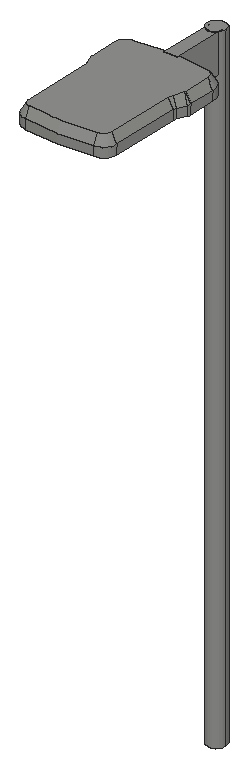
Revit family "VP-4-AD_U", category Lighting Fixtures, host Face, Revit 2019
Family settings
  Host = Face
  Round Connector Dimension = Use Diameter
  Part Type = Normal
  OmniClass Number = 23.80.70.11.14.17
  OmniClass Title = Direct/Indirect
  Cut with Voids When Loaded = No
  Light Source = No
  Shared = Yes
  Room Calculation Point = No
Parameters (values of type "VP-4-AD3U")
  Wattage Comments = "600 W"  # constant formula
  Warranty = "Five year warranty"  # constant formula
  Voltage = 120 V
  URL = "https://www.currentlighting.com/beacon"
  Type Comments = "Lighting Fixture"  # constant formula
  Product Page URL = "https://www.currentlighting.com/outdoor-lighting/viper-area-size-4/9606406"
  Product Documentation Link = "https://cdn.currentlighting.com/site/specsheet/BEA_VIPERSPEC.pdf"
  Power Factor = 0.9
  Pole Radius [instance] = Pole Size / 2  # 1.75"
  Pole Height [instance] = 120.00"
  Name = "Viper Area Size 4"  # constant formula
  Mounting Block Size [instance] = Pole Size - 1.00"  # 2.50"
  Model = "VP-4-AD3U"
  Matt Grey = MATT GREY
  Matt Black = Matt Black
  Manufacturer = "Current Lighting"  # constant formula
  Load Classification = Lighting
  Light Output = 87468.00 cd/m²
  Lamp = "LED"  # constant formula
  Grey = Grey
  Glass = Glass
  Pole Size [instance] = 3.50"
  Features = "Featuring two different optical technologies, Micro Strike and Strike Optics, which provide the best distribution patterns for retrofit or new construction\r\nVibration rated for high vibration applications including bridges and overpasses\r\nControl options including photo control, occupancy sensing, NX Lighting Controls, wiSCAPE and 7-Pin with networked controls\r\nMounting options include: Arm, Universal Arm, Adjustable Arm, Mast Arm, Decorative Arm, Knuckle, Trunnion, Wall\r\nDistribution options include: Auto Front Row, Type 2, Type 3, Type 4 Forward, Type 4 Wide, Type 5 Narrow, Type 5 Medium, Type 5 Wide, Type 5 Rectangular, Corner Optic, and Tennis Court\r\n\r\n"  # constant formula
  Copyright = "© 2022 Current Lighting"  # constant formula
  Cool Grey = Cool Grey
  Contact Us = "https://www.currentlighting.com/contact-us"
  Certification = "UL"  # constant formula
  Description = "The Viper is an extremely versatile area/site luminaire which blends design, performance, and technology for a variety of applications."  # constant formula
  Default Elevation = 48.00"
  Finish = Arctic White
  Matt White = Matt White
  CRI = "70"  # constant formula
  Brand = "Beacon"  # constant formula
  Assembly Code = "D5020200"
  Apparent Load = 600 VA  # constant formula
Reference planes (in)
  plane 1 "Center (Front/Back)": y = 6.16697
  plane 2: z = 0
  plane 3 "Center (Left/Right)": x = 0
  plane 4: z = 3.75
  plane 5: z = -4.44
  plane 6: x = -1.75
  plane 7: x = 1.75
  plane 8: y = 4.41697
  plane 9: y = 7.91697
  plane 10: z = 120
Forms (in)
  Extrusion 1, solid, material "Cool Grey" <- "Cool Grey"
    sketch origin (0, 0, 0) x (1, 0, 0) y (0, 1, 0)
      loop
        circle (0, 6.16697) r 1.75
    from 0 to 120
Lines and regions (in)
  reference lines
    curve 1: line (0, 14.42606, -3.25) -> (0, 17.42606, -0.25)
    curve 2: line (0, -2.09213, -3.25) -> (0, 14.42606, -3.25)
    curve 3: line (0, -5.09213, -0.25) -> (0, -2.09213, -3.25)
    curve 4: line (0, 14.42606, -3.25) -> (0, 17.42606, -0.25)
    curve 5: line (0, -5.09213, -0.25) -> (0, 17.42606, -0.25)
    curve 6: line (0, 17.17606, -0.77432) -> (0, 17.92606, -0.77432)
    curve 7: line (0, 17.17606, -1.52432) -> (0, 17.17606, -0.77432)
    curve 8: line (0, 16.69614, -1.52432) -> (0, 17.17606, -1.52432)
    curve 9: line (0, 14.92606, -4.25) -> (0, 16.69614, -1.52432)
    curve 10: line (0, -4.3622, -1.52432) -> (0, -2.59213, -4.25)
    curve 11: line (0, -4.84213, -1.52432) -> (0, -4.3622, -1.52432)
    curve 12: line (0, -4.84213, -0.77432) -> (0, -4.84213, -1.52432)
    curve 13: line (0, -5.59213, -0.77432) -> (0, -4.84213, -0.77432)
Dimensions and locks (in)
  plane 4 to plane 2 = 3.75"
  "Pole Size": plane 8 to plane 9
  equal spacing: plane 8, plane 1 "Center (Front/Back)", plane 9
  equal spacing: plane 6, plane 3 "Center (Left/Right)", plane 7
  "Pole Size": plane 6 to plane 7
  "Pole Height": plane 10 to plane 2
  "Pole Radius": radius of Extrusion 1 sketch curve
  aligned and locked: plane 2 to host face
  aligned and locked: level to host face
  aligned and locked: plane 10 to Extrusion 1
  aligned and locked: plane 3 "Center (Left/Right)" to nested 1
  aligned and locked: nested 1 to plane 10
Automatic sketch dimensions
  host sketch curve to host sketch curve = 96.00"
  host sketch curve to host sketch curve = 85.00"
  curve 3 to level = 0.25"
  plane 8 to curve 3 = 9.50909"
  curve 3 to curve 12 = 0.25"
  curve 11 to curve 11 = 0.47992"
  curve 2 to plane 5 = 1.19"
  curve 10 to curve 2 = 2.27008"
  curve 1 to plane 9 = 6.50909"
  curve 9 to level = 1.52432"
  curve 1 to curve 9 = 2.27008"
  curve 8 to curve 8 = 0.47992"
  curve 6 to curve 4 = 0.25"
  curve 10 to curve 3 = 1.27432"
  curve 7 to curve 1 = 0.52432"
  curve 12 to curve 3 = 0.52432"
  curve 13 to curve 3 = 0.50"
  curve 10 to plane 5 = 0.19"
  curve 10 to curve 2 = 0.50"
  curve 9 to plane 5 = 0.19"
  curve 1 to curve 9 = 0.50"
  curve 1 to curve 6 = 0.50"
  plane 1 "Center (Front/Back)" to Extrusion 1 sketch curve = 0.00"
  Extrusion 1 sketch curve to plane 3 "Center (Left/Right)" = 0.00"
Nested families (in)
  nested 1: "SIZE4-ADU" at (0, 4.41697, 118.26) x (1, 0, 0) z (0, -1, 0), type "SIZE4-ADU"
Connectors (in)
  electrical at (0, 6.16697, 0), driven by "Power Factor", driven by "Apparent Load", driven by "Voltage"
    settings: on Extrusion 1, index 1, voltage 120 V, apparent load 600 VA, apparent load phase1 0 VA, apparent load phase2 0 VA, apparent load phase3 0 VA, power factor 0.9, load classification "Other", number of poles 1, system type 30, power factor state 1, is connector primary yes, connector utility no, sub classification motor no, connector description "Light Fixture"
Definition of nested family "SIZE4-ADU"
  Parameters (values of type "SIZE4-ADU")
    Width = 19.62"
    Wattage = 519.1 W
    built-in parameter 1150110 = 1 (stored number, unit not read)
    built-in parameter 1114217 = 1 (stored number, unit not read)
    Tilt Angle = 160.00°
    built-in parameter 1150109 = 1 (stored number, unit not read)
    built-in parameter 1150134 = 3
    built-in parameter 1150113 = 1 (stored number, unit not read)
    Photometric Web File = "VP-4-720L-515-5K7-4W-BC.ies"
    Mount Length = 7.50"
    built-in parameter 1150105 = 3180.8 (stored number, unit not read)
    Lumens = 39970.7 lm
    built-in parameter 1150115 = 1 (stored number, unit not read)
    built-in parameter 1150137 = (empty or 0)
    built-in parameter 1150139 = (empty or 0)
    Length = 27.98"
    built-in parameter 1150112 = 1 (stored number, unit not read)
    built-in parameter 1150114 = 1 (stored number, unit not read)
    built-in parameter 1150132 = (empty or 0)
    built-in parameter 1150102 = (empty or 0)
    built-in parameter 1150107 = 3200 (stored number, unit not read)
    built-in parameter 1150138 = (empty or 0)
    built-in parameter 1150106 = 31.808 (stored number, unit not read)
    Glass = none
    Fixture = none
    built-in parameter 1150104 = 7.1535 (stored number, unit not read)
    Dimming Lamp Color Temperature Shift = (empty or 0)
    Default Elevation = 48.00"
    Color Filter = 16777215
    built-in parameter 1114218 = 1 (stored number, unit not read)
    built-in parameter 1150133 = 10 (stored number, unit not read)
  Reference planes (in)
    plane 1 "Center (Front/Back)": y = 0
    plane 2: z = 0
    plane 3 "Center (Left/Right)": x = 0
    plane 4: x = 9.81
    plane 5: x = -9.81
    plane 6: z = 7.5
    plane 7: z = 35.48
    plane 8: y = -1.74
    plane 9: y = 1.74
  Forms (in)
    Extrusion 1, solid
      sketch origin (0, 0, 0) x (1, 0, 0) y (0, 1, 0)
        loop
          line (-48, 48) -> (-48, -48) -> (48, -48) -> (48, 48) -> (-48, 48)
      from 0 to -12
    Extrusion 2, void
      sketch origin (0, 0, 0) x (1, 0, 0) y (0, 0, 1)
        loop
          arc (-8.40608, 15.16005) -> (0.0771, 15.81374) -> (8.56, 15.15635) r 55.21553
          line (8.56, 15.15635) -> (8.56, 33.16182) -> (-8.40608, 33.16182) -> (-8.40608, 15.16005)
      from 1 to 1.75
    Extrusion 3, solid, material <- "Glass"
      sketch origin (0, 0, -0.5) x (1, 0, 0) y (0, 0, 1)
        loop
          arc (-7.30987, 33.16182) -> (-7.55736, 33.05931) -> (-7.65987, 32.81182) r 0.35
          line (-7.65987, 32.81182) -> (-7.65987, 28.01182)
          arc (-7.65987, 28.01182) -> (-7.55736, 27.76434) -> (-7.30987, 27.66182) r 0.35
          line (-7.30987, 27.66182) -> (7.30987, 27.66182)
          arc (7.30987, 27.66182) -> (7.55736, 27.76434) -> (7.65987, 28.01182) r 0.35
          line (7.65987, 28.01182) -> (7.65987, 32.81182)
          arc (7.65987, 32.81182) -> (7.55736, 33.05931) -> (7.30987, 33.16182) r 0.35
          line (7.30987, 33.16182) -> (-7.30987, 33.16182)
      from 1 to 1.35
    Extrusion 4, solid, material <- "Glass"
      sketch origin (0.375, 0, -0.375) x (1, 0, 0) y (0, 0, 1)
        loop
          circle (-7.47829, 32.33694) r 0.15
        loop
          circle (-6.95955, 32.33694) r 0.15
        loop
          circle (-6.4408, 32.33694) r 0.15
        loop
          circle (-5.92205, 32.33694) r 0.15
        loop
          circle (-5.4033, 32.33694) r 0.15
        loop
          circle (-4.88455, 32.33694) r 0.15
        loop
          circle (-4.3658, 32.33694) r 0.15
        loop
          circle (-3.84705, 32.33694) r 0.15
        loop
          circle (-3.32831, 32.33694) r 0.15
        loop
          circle (-7.47829, 31.83694) r 0.15
        loop
          circle (-6.95955, 31.83694) r 0.15
        loop
          circle (-6.4408, 31.83694) r 0.15
        loop
          circle (-5.92205, 31.83694) r 0.15
        loop
          circle (-5.4033, 31.83694) r 0.15
        loop
          circle (-4.88455, 31.83694) r 0.15
        loop
          circle (-4.3658, 31.83694) r 0.15
        loop
          circle (-3.84705, 31.83694) r 0.15
        loop
          circle (-3.32831, 31.83694) r 0.15
        loop
          circle (-7.47829, 31.33694) r 0.15
        loop
          circle (-6.95955, 31.33694) r 0.15
        loop
          circle (-6.4408, 31.33694) r 0.15
        loop
          circle (-5.92205, 31.33694) r 0.15
        loop
          circle (-5.4033, 31.33694) r 0.15
        loop
          circle (-4.88455, 31.33694) r 0.15
        loop
          circle (-4.3658, 31.33694) r 0.15
        loop
          circle (-3.84705, 31.33694) r 0.15
        loop
          circle (-3.32831, 31.33694) r 0.15
        loop
          circle (-7.47829, 30.83694) r 0.15
        loop
          circle (-6.95955, 30.83694) r 0.15
        loop
          circle (-6.4408, 30.83694) r 0.15
        loop
          circle (-5.92205, 30.83694) r 0.15
        loop
          circle (-5.4033, 30.83694) r 0.15
        loop
          circle (-4.88455, 30.83694) r 0.15
        loop
          circle (-4.3658, 30.83694) r 0.15
        loop
          circle (-3.84705, 30.83694) r 0.15
        loop
          circle (-3.32831, 30.83694) r 0.15
        loop
          circle (-7.47829, 30.33694) r 0.15
        loop
          circle (-6.95955, 30.33694) r 0.15
        loop
          circle (-6.4408, 30.33694) r 0.15
        loop
          circle (-5.92205, 30.33694) r 0.15
        loop
          circle (-5.4033, 30.33694) r 0.15
        loop
          circle (-4.88455, 30.33694) r 0.15
        loop
          circle (-4.3658, 30.33694) r 0.15
        loop
          circle (-3.84705, 30.33694) r 0.15
        loop
          circle (-3.32831, 30.33694) r 0.15
        loop
          circle (-7.47829, 29.83694) r 0.15
        loop
          circle (-6.95955, 29.83694) r 0.15
        loop
          circle (-6.4408, 29.83694) r 0.15
        loop
          circle (-5.92205, 29.83694) r 0.15
        loop
          circle (-5.4033, 29.83694) r 0.15
        loop
          circle (-4.88455, 29.83694) r 0.15
        loop
          circle (-4.3658, 29.83694) r 0.15
        loop
          circle (-3.84705, 29.83694) r 0.15
        loop
          circle (-3.32831, 29.83694) r 0.15
        loop
          circle (-7.47829, 29.33694) r 0.15
        loop
          circle (-6.95955, 29.33694) r 0.15
        loop
          circle (-6.4408, 29.33694) r 0.15
        loop
          circle (-5.92205, 29.33694) r 0.15
        loop
          circle (-5.4033, 29.33694) r 0.15
        loop
          circle (-4.88455, 29.33694) r 0.15
        loop
          circle (-4.3658, 29.33694) r 0.15
        loop
          circle (-3.84705, 29.33694) r 0.15
        loop
          circle (-3.32831, 29.33694) r 0.15
        loop
          circle (-7.47829, 28.83694) r 0.15
        loop
          circle (-6.95955, 28.83694) r 0.15
        loop
          circle (-6.4408, 28.83694) r 0.15
        loop
          circle (-5.92205, 28.83694) r 0.15
        loop
          circle (-5.4033, 28.83694) r 0.15
        loop
          circle (-4.88455, 28.83694) r 0.15
        loop
          circle (-4.3658, 28.83694) r 0.15
        loop
          circle (-3.84705, 28.83694) r 0.15
        loop
          circle (-3.32831, 28.83694) r 0.15
        loop
          circle (-7.47829, 28.33694) r 0.15
        loop
          circle (-6.95955, 28.33694) r 0.15
        loop
          circle (-6.4408, 28.33694) r 0.15
        loop
          circle (-5.92205, 28.33694) r 0.15
        loop
          circle (-5.4033, 28.33694) r 0.15
        loop
          circle (-4.88455, 28.33694) r 0.15
        loop
          circle (-4.3658, 28.33694) r 0.15
        loop
          circle (-3.84705, 28.33694) r 0.15
        loop
          circle (-3.32831, 28.33694) r 0.15
      from 1.35 to 1.4
    Extrusion 5, solid, material <- "Glass"
      sketch origin (0, 0, -0.375) x (1, 0, 0) y (0, 0, 1)
        loop
          arc (-7.16655, 32.8409) -> (-7.34333, 32.76768) -> (-7.41655, 32.5909) r 0.25
          line (-7.41655, 32.5909) -> (-7.41655, 28.0909)
          arc (-7.41655, 28.0909) -> (-7.34333, 27.91412) -> (-7.16655, 27.8409) r 0.25
          line (-7.16655, 27.8409) -> (-2.81123, 27.8409)
          arc (-2.81123, 27.8409) -> (-2.63446, 27.91412) -> (-2.56123, 28.0909) r 0.25
          line (-2.56123, 28.0909) -> (-2.56123, 32.5909)
          arc (-2.56123, 32.5909) -> (-2.63446, 32.76768) -> (-2.81123, 32.8409) r 0.25
          line (-2.81123, 32.8409) -> (-7.16655, 32.8409)
      from 1.35 to 1.37213
    Extrusion 6, solid, material <- "Fixture"
      sketch origin (0, 0, 12.875) x (1, 0, 0) y (0, 1, 0)
        loop
          line (7.68693, -1) -> (7.68693, -1.20146)
          arc (7.68693, -1.20146) -> (7.69367, -1.23973) -> (7.71311, -1.27339) r 0.1119
          line (7.71311, -1.27339) -> (8.07367, -1.70309)
          arc (8.07367, -1.70309) -> (8.10164, -1.72455) -> (8.13607, -1.73219) r 0.08147
          line (8.13607, -1.73219) -> (8.56, -1.73219) -> (8.56, -1) -> (7.68693, -1)
      from 18.55 to 18.65
    Extrusion 7, solid, material <- "Glass"
      sketch origin (-0.375, 0, -0.375) x (-1, 0, 0) y (0, 0, -1)
        loop
          circle (-7.47829, -32.33694) r 0.15
        loop
          circle (-6.95955, -32.33694) r 0.15
        loop
          circle (-6.4408, -32.33694) r 0.15
        loop
          circle (-5.92205, -32.33694) r 0.15
        loop
          circle (-5.4033, -32.33694) r 0.15
        loop
          circle (-4.88455, -32.33694) r 0.15
        loop
          circle (-4.3658, -32.33694) r 0.15
        loop
          circle (-3.84705, -32.33694) r 0.15
        loop
          circle (-3.32831, -32.33694) r 0.15
        loop
          circle (-7.47829, -31.83694) r 0.15
        loop
          circle (-6.95955, -31.83694) r 0.15
        loop
          circle (-6.4408, -31.83694) r 0.15
        loop
          circle (-5.92205, -31.83694) r 0.15
        loop
          circle (-5.4033, -31.83694) r 0.15
        loop
          circle (-4.88455, -31.83694) r 0.15
        loop
          circle (-4.3658, -31.83694) r 0.15
        loop
          circle (-3.84705, -31.83694) r 0.15
        loop
          circle (-3.32831, -31.83694) r 0.15
        loop
          circle (-7.47829, -31.33694) r 0.15
        loop
          circle (-6.95955, -31.33694) r 0.15
        loop
          circle (-6.4408, -31.33694) r 0.15
        loop
          circle (-5.92205, -31.33694) r 0.15
        loop
          circle (-5.4033, -31.33694) r 0.15
        loop
          circle (-4.88455, -31.33694) r 0.15
        loop
          circle (-4.3658, -31.33694) r 0.15
        loop
          circle (-3.84705, -31.33694) r 0.15
        loop
          circle (-3.32831, -31.33694) r 0.15
        loop
          circle (-7.47829, -30.83694) r 0.15
        loop
          circle (-6.95955, -30.83694) r 0.15
        loop
          circle (-6.4408, -30.83694) r 0.15
        loop
          circle (-5.92205, -30.83694) r 0.15
        loop
          circle (-5.4033, -30.83694) r 0.15
        loop
          circle (-4.88455, -30.83694) r 0.15
        loop
          circle (-4.3658, -30.83694) r 0.15
        loop
          circle (-3.84705, -30.83694) r 0.15
        loop
          circle (-3.32831, -30.83694) r 0.15
        loop
          circle (-7.47829, -30.33694) r 0.15
        loop
          circle (-6.95955, -30.33694) r 0.15
        loop
          circle (-6.4408, -30.33694) r 0.15
        loop
          circle (-5.92205, -30.33694) r 0.15
        loop
          circle (-5.4033, -30.33694) r 0.15
        loop
          circle (-4.88455, -30.33694) r 0.15
        loop
          circle (-4.3658, -30.33694) r 0.15
        loop
          circle (-3.84705, -30.33694) r 0.15
        loop
          circle (-3.32831, -30.33694) r 0.15
        loop
          circle (-7.47829, -29.83694) r 0.15
        loop
          circle (-6.95955, -29.83694) r 0.15
        loop
          circle (-6.4408, -29.83694) r 0.15
        loop
          circle (-5.92205, -29.83694) r 0.15
        loop
          circle (-5.4033, -29.83694) r 0.15
        loop
          circle (-4.88455, -29.83694) r 0.15
        loop
          circle (-4.3658, -29.83694) r 0.15
        loop
          circle (-3.84705, -29.83694) r 0.15
        loop
          circle (-3.32831, -29.83694) r 0.15
        loop
          circle (-7.47829, -29.33694) r 0.15
        loop
          circle (-6.95955, -29.33694) r 0.15
        loop
          circle (-6.4408, -29.33694) r 0.15
        loop
          circle (-5.92205, -29.33694) r 0.15
        loop
          circle (-5.4033, -29.33694) r 0.15
        loop
          circle (-4.88455, -29.33694) r 0.15
        loop
          circle (-4.3658, -29.33694) r 0.15
        loop
          circle (-3.84705, -29.33694) r 0.15
        loop
          circle (-3.32831, -29.33694) r 0.15
        loop
          circle (-7.47829, -28.83694) r 0.15
        loop
          circle (-6.95955, -28.83694) r 0.15
        loop
          circle (-6.4408, -28.83694) r 0.15
        loop
          circle (-5.92205, -28.83694) r 0.15
        loop
          circle (-5.4033, -28.83694) r 0.15
        loop
          circle (-4.88455, -28.83694) r 0.15
        loop
          circle (-4.3658, -28.83694) r 0.15
        loop
          circle (-3.84705, -28.83694) r 0.15
        loop
          circle (-3.32831, -28.83694) r 0.15
        loop
          circle (-7.47829, -28.33694) r 0.15
        loop
          circle (-6.95955, -28.33694) r 0.15
        loop
          circle (-6.4408, -28.33694) r 0.15
        loop
          circle (-5.92205, -28.33694) r 0.15
        loop
          circle (-5.4033, -28.33694) r 0.15
        loop
          circle (-4.88455, -28.33694) r 0.15
        loop
          circle (-4.3658, -28.33694) r 0.15
        loop
          circle (-3.84705, -28.33694) r 0.15
        loop
          circle (-3.32831, -28.33694) r 0.15
      from 1.35 to 1.4
    Extrusion 8, solid, material <- "Glass"
      sketch origin (0, 0, -0.375) x (-1, 0, 0) y (0, 0, -1)
        loop
          line (-7.16655, -32.8409) -> (-2.84181, -32.8409)
          arc (-2.84181, -32.8409) -> (-2.66504, -32.76768) -> (-2.59181, -32.5909) r 0.25
          line (-2.59181, -32.5909) -> (-2.59181, -28.0909)
          arc (-2.59181, -28.0909) -> (-2.66504, -27.91412) -> (-2.84181, -27.8409) r 0.25
          line (-2.84181, -27.8409) -> (-7.16655, -27.8409)
          arc (-7.16655, -27.8409) -> (-7.34333, -27.91412) -> (-7.41655, -28.0909) r 0.25
          line (-7.41655, -28.0909) -> (-7.41655, -32.5909)
          arc (-7.41655, -32.5909) -> (-7.34333, -32.76768) -> (-7.16655, -32.8409) r 0.25
      from 1.35 to 1.37213
    Extrusion 9, solid, material <- "Glass"
      sketch origin (0, 0, -5.75) x (1, 0, 0) y (0, 0, 1)
        loop
          arc (-7.30987, 32.91182) -> (-7.55736, 32.80931) -> (-7.65987, 32.56182) r 0.35
          line (-7.65987, 32.56182) -> (-7.65987, 27.76182)
          arc (-7.65987, 27.76182) -> (-7.55736, 27.51434) -> (-7.30987, 27.41182) r 0.35
          line (-7.30987, 27.41182) -> (7.30987, 27.41182)
          arc (7.30987, 27.41182) -> (7.55736, 27.51434) -> (7.65987, 27.76182) r 0.35
          line (7.65987, 27.76182) -> (7.65987, 32.56182)
          arc (7.65987, 32.56182) -> (7.55736, 32.80931) -> (7.30987, 32.91182) r 0.35
          line (7.30987, 32.91182) -> (-7.30987, 32.91182)
      from 1 to 1.35
    Extrusion 10, solid, material <- "Glass"
      sketch origin (0, 0, 47.30365) x (1, 0, 0) y (0, 0, 1)
        loop
          line (-7.30987, -31.14182) -> (7.30987, -31.14182)
          arc (7.30987, -31.14182) -> (7.55736, -31.03931) -> (7.65987, -30.79182) r 0.35
          line (7.65987, -30.79182) -> (7.65987, -25.99182)
          arc (7.65987, -25.99182) -> (7.55736, -25.74434) -> (7.30987, -25.64182) r 0.35
          line (7.30987, -25.64182) -> (-7.30987, -25.64182)
          arc (-7.30987, -25.64182) -> (-7.55736, -25.74434) -> (-7.65987, -25.99182) r 0.35
          line (-7.65987, -25.99182) -> (-7.65987, -30.79182)
          arc (-7.65987, -30.79182) -> (-7.55736, -31.03931) -> (-7.30987, -31.14182) r 0.35
      from 1 to 1.35
    Extrusion 11, solid, material <- "Fixture"
      sketch origin (0, 0, 11.87318) x (1, 0, 0) y (0, 1, 0)
        loop
          line (7.68693, -1) -> (7.68693, -1.20146)
          arc (7.68693, -1.20146) -> (7.69367, -1.23973) -> (7.71311, -1.27339) r 0.1119
          line (7.71311, -1.27339) -> (8.07367, -1.70309)
          arc (8.07367, -1.70309) -> (8.10164, -1.72455) -> (8.13607, -1.73219) r 0.08147
          line (8.13607, -1.73219) -> (8.56, -1.73219) -> (8.56, -1) -> (7.68693, -1)
      from 18.55 to 18.65
    Extrusion 12, solid, material <- "Fixture"
      sketch origin (0, 0, 10.87135) x (1, 0, 0) y (0, 1, 0)
        loop
          line (7.68693, -1) -> (7.68693, -1.20146)
          arc (7.68693, -1.20146) -> (7.69367, -1.23973) -> (7.71311, -1.27339) r 0.1119
          line (7.71311, -1.27339) -> (8.07367, -1.70309)
          arc (8.07367, -1.70309) -> (8.10164, -1.72455) -> (8.13607, -1.73219) r 0.08147
          line (8.13607, -1.73219) -> (8.56, -1.73219) -> (8.56, -1) -> (7.68693, -1)
      from 18.55 to 18.65
    Extrusion 13, solid, material <- "Fixture"
      sketch origin (0, 0, 9.86953) x (1, 0, 0) y (0, 1, 0)
        loop
          line (7.68693, -1) -> (7.68693, -1.20146)
          arc (7.68693, -1.20146) -> (7.69367, -1.23973) -> (7.71311, -1.27339) r 0.1119
          line (7.71311, -1.27339) -> (8.07367, -1.70309)
          arc (8.07367, -1.70309) -> (8.10164, -1.72455) -> (8.13607, -1.73219) r 0.08147
          line (8.13607, -1.73219) -> (8.56, -1.73219) -> (8.56, -1) -> (7.68693, -1)
      from 18.55 to 18.65
    Extrusion 14, solid, material <- "Fixture"
      sketch origin (0, 0, 8.86953) x (1, 0, 0) y (0, 1, 0)
        loop
          line (7.68693, -1) -> (7.68693, -1.20146)
          arc (7.68693, -1.20146) -> (7.69367, -1.23973) -> (7.71311, -1.27339) r 0.1119
          line (7.71311, -1.27339) -> (8.07367, -1.70309)
          arc (8.07367, -1.70309) -> (8.10164, -1.72455) -> (8.13607, -1.73219) r 0.08147
          line (8.13607, -1.73219) -> (8.56, -1.73219) -> (8.56, -1) -> (7.68693, -1)
      from 18.55 to 18.65
    Extrusion 15, solid, material <- "Fixture"
      sketch origin (0, 0, 7.8125) x (1, 0, 0) y (0, 1, 0)
        loop
          line (7.68693, -1) -> (7.68693, -1.20146)
          arc (7.68693, -1.20146) -> (7.69367, -1.23973) -> (7.71311, -1.27339) r 0.1119
          line (7.71311, -1.27339) -> (8.07367, -1.70309)
          arc (8.07367, -1.70309) -> (8.10164, -1.72455) -> (8.13607, -1.73219) r 0.08147
          line (8.13607, -1.73219) -> (8.56, -1.73219) -> (8.56, -1) -> (7.68693, -1)
      from 18.55 to 18.65
    Extrusion 16, solid, material <- "Fixture"
      sketch origin (0, 0, 6.81068) x (1, 0, 0) y (0, 1, 0)
        loop
          line (7.68693, -1) -> (7.68693, -1.20146)
          arc (7.68693, -1.20146) -> (7.69367, -1.23973) -> (7.71311, -1.27339) r 0.1119
          line (7.71311, -1.27339) -> (8.07367, -1.70309)
          arc (8.07367, -1.70309) -> (8.10164, -1.72455) -> (8.13607, -1.73219) r 0.08147
          line (8.13607, -1.73219) -> (8.56, -1.73219) -> (8.56, -1) -> (7.68693, -1)
      from 18.55 to 18.65
    Extrusion 17, solid, material <- "Fixture"
      sketch origin (0, 0, 5.80885) x (1, 0, 0) y (0, 1, 0)
        loop
          line (7.68693, -1) -> (7.68693, -1.20146)
          arc (7.68693, -1.20146) -> (7.69367, -1.23973) -> (7.71311, -1.27339) r 0.1119
          line (7.71311, -1.27339) -> (8.07367, -1.70309)
          arc (8.07367, -1.70309) -> (8.10164, -1.72455) -> (8.13607, -1.73219) r 0.08147
          line (8.13607, -1.73219) -> (8.56, -1.73219) -> (8.56, -1) -> (7.68693, -1)
      from 18.55 to 18.65
    Extrusion 18, solid, material <- "Fixture"
      sketch origin (0, 0, 4.80703) x (1, 0, 0) y (0, 1, 0)
        loop
          line (7.68693, -1) -> (7.68693, -1.20146)
          arc (7.68693, -1.20146) -> (7.69367, -1.23973) -> (7.71311, -1.27339) r 0.1119
          line (7.71311, -1.27339) -> (8.07367, -1.70309)
          arc (8.07367, -1.70309) -> (8.10164, -1.72455) -> (8.13607, -1.73219) r 0.08147
          line (8.13607, -1.73219) -> (8.56, -1.73219) -> (8.56, -1) -> (7.68693, -1)
      from 18.55 to 18.65
    Extrusion 19, solid, material <- "Fixture"
      sketch origin (0, 0, 3.80703) x (1, 0, 0) y (0, 1, 0)
        loop
          line (7.68693, -1) -> (7.68693, -1.20146)
          arc (7.68693, -1.20146) -> (7.69367, -1.23973) -> (7.71311, -1.27339) r 0.1119
          line (7.71311, -1.27339) -> (8.07367, -1.70309)
          arc (8.07367, -1.70309) -> (8.10164, -1.72455) -> (8.13607, -1.73219) r 0.08147
          line (8.13607, -1.73219) -> (8.56, -1.73219) -> (8.56, -1) -> (7.68693, -1)
      from 18.55 to 18.65
    Extrusion 20, solid, material <- "Fixture"
      sketch origin (0, 0, 2.125) x (1, 0, 0) y (0, 1, 0)
        loop
          line (7.68693, -1) -> (7.68693, -1.20146)
          arc (7.68693, -1.20146) -> (7.69367, -1.23973) -> (7.71311, -1.27339) r 0.1119
          line (7.71311, -1.27339) -> (8.07367, -1.70309)
          arc (8.07367, -1.70309) -> (8.10164, -1.72455) -> (8.13607, -1.73219) r 0.08147
          line (8.13607, -1.73219) -> (8.56, -1.73219) -> (8.56, -1) -> (7.68693, -1)
      from 18.55 to 18.65
    Extrusion 21, solid, material <- "Fixture"
      sketch origin (0, 0, 1.12318) x (1, 0, 0) y (0, 1, 0)
        loop
          line (7.68693, -1) -> (7.68693, -1.20146)
          arc (7.68693, -1.20146) -> (7.69367, -1.23973) -> (7.71311, -1.27339) r 0.1119
          line (7.71311, -1.27339) -> (8.07367, -1.70309)
          arc (8.07367, -1.70309) -> (8.10164, -1.72455) -> (8.13607, -1.73219) r 0.08147
          line (8.13607, -1.73219) -> (8.56, -1.73219) -> (8.56, -1) -> (7.68693, -1)
      from 18.55 to 18.65
    Extrusion 22, solid, material <- "Fixture"
      sketch origin (0, 0, 0.12135) x (1, 0, 0) y (0, 1, 0)
        loop
          line (7.68693, -1) -> (7.68693, -1.20146)
          arc (7.68693, -1.20146) -> (7.69367, -1.23973) -> (7.71311, -1.27339) r 0.1119
          line (7.71311, -1.27339) -> (8.07367, -1.70309)
          arc (8.07367, -1.70309) -> (8.10164, -1.72455) -> (8.13607, -1.73219) r 0.08147
          line (8.13607, -1.73219) -> (8.56, -1.73219) -> (8.56, -1) -> (7.68693, -1)
      from 18.55 to 18.65
    Extrusion 23, solid, material <- "Fixture"
      sketch origin (0, 0, -0.88047) x (1, 0, 0) y (0, 1, 0)
        loop
          line (7.68693, -1) -> (7.68693, -1.20146)
          arc (7.68693, -1.20146) -> (7.69367, -1.23973) -> (7.71311, -1.27339) r 0.1119
          line (7.71311, -1.27339) -> (8.07367, -1.70309)
          arc (8.07367, -1.70309) -> (8.10164, -1.72455) -> (8.13607, -1.73219) r 0.08147
          line (8.13607, -1.73219) -> (8.56, -1.73219) -> (8.56, -1) -> (7.68693, -1)
      from 18.55 to 18.65
    Extrusion 24, solid, material <- "Fixture"
      sketch origin (0, 0, -1.88047) x (1, 0, 0) y (0, 1, 0)
        loop
          line (7.68693, -1) -> (7.68693, -1.20146)
          arc (7.68693, -1.20146) -> (7.69367, -1.23973) -> (7.71311, -1.27339) r 0.1119
          line (7.71311, -1.27339) -> (8.07367, -1.70309)
          arc (8.07367, -1.70309) -> (8.10164, -1.72455) -> (8.13607, -1.73219) r 0.08147
          line (8.13607, -1.73219) -> (8.56, -1.73219) -> (8.56, -1) -> (7.68693, -1)
      from 18.55 to 18.65
    Extrusion 25, solid, material <- "Fixture"
      sketch origin (0.07812, 0, 13.125) x (-1, 0, 0) y (0, -1, 0)
        loop
          line (7.68693, 1) -> (8.56, 1) -> (8.56, 1.73219) -> (8.13607, 1.73219)
          arc (8.13607, 1.73219) -> (8.10164, 1.72455) -> (8.07367, 1.70309) r 0.08147
          line (8.07367, 1.70309) -> (7.71311, 1.27339)
          arc (7.71311, 1.27339) -> (7.69367, 1.23973) -> (7.68693, 1.20146) r 0.1119
          line (7.68693, 1.20146) -> (7.68693, 1)
      from 18.55 to 18.65
    Extrusion 26, solid, material <- "Fixture"
      sketch origin (0.07812, 0, 12.12318) x (-1, 0, 0) y (0, -1, 0)
        loop
          line (7.68693, 1) -> (8.56, 1) -> (8.56, 1.73219) -> (8.13607, 1.73219)
          arc (8.13607, 1.73219) -> (8.10164, 1.72455) -> (8.07367, 1.70309) r 0.08147
          line (8.07367, 1.70309) -> (7.71311, 1.27339)
          arc (7.71311, 1.27339) -> (7.69367, 1.23973) -> (7.68693, 1.20146) r 0.1119
          line (7.68693, 1.20146) -> (7.68693, 1)
      from 18.55 to 18.65
    Extrusion 27, solid, material <- "Fixture"
      sketch origin (0.07812, 0, 11.12135) x (-1, 0, 0) y (0, -1, 0)
        loop
          line (7.68693, 1) -> (8.56, 1) -> (8.56, 1.73219) -> (8.13607, 1.73219)
          arc (8.13607, 1.73219) -> (8.10164, 1.72455) -> (8.07367, 1.70309) r 0.08147
          line (8.07367, 1.70309) -> (7.71311, 1.27339)
          arc (7.71311, 1.27339) -> (7.69367, 1.23973) -> (7.68693, 1.20146) r 0.1119
          line (7.68693, 1.20146) -> (7.68693, 1)
      from 18.55 to 18.65
    Extrusion 28, solid, material <- "Fixture"
      sketch origin (0.07812, 0, 10.11953) x (-1, 0, 0) y (0, -1, 0)
        loop
          line (7.68693, 1) -> (8.56, 1) -> (8.56, 1.73219) -> (8.13607, 1.73219)
          arc (8.13607, 1.73219) -> (8.10164, 1.72455) -> (8.07367, 1.70309) r 0.08147
          line (8.07367, 1.70309) -> (7.71311, 1.27339)
          arc (7.71311, 1.27339) -> (7.69367, 1.23973) -> (7.68693, 1.20146) r 0.1119
          line (7.68693, 1.20146) -> (7.68693, 1)
      from 18.55 to 18.65
    Extrusion 29, solid, material <- "Fixture"
      sketch origin (0.07812, 0, 9.11953) x (-1, 0, 0) y (0, -1, 0)
        loop
          line (7.68693, 1) -> (8.56, 1) -> (8.56, 1.73219) -> (8.13607, 1.73219)
          arc (8.13607, 1.73219) -> (8.10164, 1.72455) -> (8.07367, 1.70309) r 0.08147
          line (8.07367, 1.70309) -> (7.71311, 1.27339)
          arc (7.71311, 1.27339) -> (7.69367, 1.23973) -> (7.68693, 1.20146) r 0.1119
          line (7.68693, 1.20146) -> (7.68693, 1)
      from 18.55 to 18.65
    Extrusion 30, solid, material <- "Fixture"
      sketch origin (0.07812, 0, 8.0625) x (-1, 0, 0) y (0, -1, 0)
        loop
          line (7.68693, 1) -> (8.56, 1) -> (8.56, 1.73219) -> (8.13607, 1.73219)
          arc (8.13607, 1.73219) -> (8.10164, 1.72455) -> (8.07367, 1.70309) r 0.08147
          line (8.07367, 1.70309) -> (7.71311, 1.27339)
          arc (7.71311, 1.27339) -> (7.69367, 1.23973) -> (7.68693, 1.20146) r 0.1119
          line (7.68693, 1.20146) -> (7.68693, 1)
      from 18.55 to 18.65
    Extrusion 31, solid, material <- "Fixture"
      sketch origin (0.07812, 0, 7.06068) x (-1, 0, 0) y (0, -1, 0)
        loop
          line (7.68693, 1) -> (8.56, 1) -> (8.56, 1.73219) -> (8.13607, 1.73219)
          arc (8.13607, 1.73219) -> (8.10164, 1.72455) -> (8.07367, 1.70309) r 0.08147
          line (8.07367, 1.70309) -> (7.71311, 1.27339)
          arc (7.71311, 1.27339) -> (7.69367, 1.23973) -> (7.68693, 1.20146) r 0.1119
          line (7.68693, 1.20146) -> (7.68693, 1)
      from 18.55 to 18.65
    Extrusion 32, solid, material <- "Fixture"
      sketch origin (0.07812, 0, 6.05885) x (-1, 0, 0) y (0, -1, 0)
        loop
          line (7.68693, 1) -> (8.56, 1) -> (8.56, 1.73219) -> (8.13607, 1.73219)
          arc (8.13607, 1.73219) -> (8.10164, 1.72455) -> (8.07367, 1.70309) r 0.08147
          line (8.07367, 1.70309) -> (7.71311, 1.27339)
          arc (7.71311, 1.27339) -> (7.69367, 1.23973) -> (7.68693, 1.20146) r 0.1119
          line (7.68693, 1.20146) -> (7.68693, 1)
      from 18.55 to 18.65
    Extrusion 33, solid, material <- "Fixture"
      sketch origin (0.07812, 0, 5.05703) x (-1, 0, 0) y (0, -1, 0)
        loop
          line (7.68693, 1) -> (8.56, 1) -> (8.56, 1.73219) -> (8.13607, 1.73219)
          arc (8.13607, 1.73219) -> (8.10164, 1.72455) -> (8.07367, 1.70309) r 0.08147
          line (8.07367, 1.70309) -> (7.71311, 1.27339)
          arc (7.71311, 1.27339) -> (7.69367, 1.23973) -> (7.68693, 1.20146) r 0.1119
          line (7.68693, 1.20146) -> (7.68693, 1)
      from 18.55 to 18.65
    Extrusion 34, solid, material <- "Fixture"
      sketch origin (0.07812, 0, 4.05703) x (-1, 0, 0) y (0, -1, 0)
        loop
          line (7.68693, 1) -> (8.56, 1) -> (8.56, 1.73219) -> (8.13607, 1.73219)
          arc (8.13607, 1.73219) -> (8.10164, 1.72455) -> (8.07367, 1.70309) r 0.08147
          line (8.07367, 1.70309) -> (7.71311, 1.27339)
          arc (7.71311, 1.27339) -> (7.69367, 1.23973) -> (7.68693, 1.20146) r 0.1119
          line (7.68693, 1.20146) -> (7.68693, 1)
      from 18.55 to 18.65
    Extrusion 35, solid, material <- "Fixture"
      sketch origin (0.07812, 0, 2.375) x (-1, 0, 0) y (0, -1, 0)
        loop
          line (7.68693, 1) -> (8.56, 1) -> (8.56, 1.73219) -> (8.13607, 1.73219)
          arc (8.13607, 1.73219) -> (8.10164, 1.72455) -> (8.07367, 1.70309) r 0.08147
          line (8.07367, 1.70309) -> (7.71311, 1.27339)
          arc (7.71311, 1.27339) -> (7.69367, 1.23973) -> (7.68693, 1.20146) r 0.1119
          line (7.68693, 1.20146) -> (7.68693, 1)
      from 18.55 to 18.65
    Extrusion 36, solid, material <- "Fixture"
      sketch origin (0.07812, 0, 1.37318) x (-1, 0, 0) y (0, -1, 0)
        loop
          line (7.68693, 1) -> (8.56, 1) -> (8.56, 1.73219) -> (8.13607, 1.73219)
          arc (8.13607, 1.73219) -> (8.10164, 1.72455) -> (8.07367, 1.70309) r 0.08147
          line (8.07367, 1.70309) -> (7.71311, 1.27339)
          arc (7.71311, 1.27339) -> (7.69367, 1.23973) -> (7.68693, 1.20146) r 0.1119
          line (7.68693, 1.20146) -> (7.68693, 1)
      from 18.55 to 18.65
    Extrusion 37, solid, material <- "Fixture"
      sketch origin (0.07812, 0, 0.37135) x (-1, 0, 0) y (0, -1, 0)
        loop
          line (7.68693, 1) -> (8.56, 1) -> (8.56, 1.73219) -> (8.13607, 1.73219)
          arc (8.13607, 1.73219) -> (8.10164, 1.72455) -> (8.07367, 1.70309) r 0.08147
          line (8.07367, 1.70309) -> (7.71311, 1.27339)
          arc (7.71311, 1.27339) -> (7.69367, 1.23973) -> (7.68693, 1.20146) r 0.1119
          line (7.68693, 1.20146) -> (7.68693, 1)
      from 18.55 to 18.65
    Extrusion 38, solid, material <- "Fixture"
      sketch origin (0.07812, 0, -0.63047) x (-1, 0, 0) y (0, -1, 0)
        loop
          line (7.68693, 1) -> (8.56, 1) -> (8.56, 1.73219) -> (8.13607, 1.73219)
          arc (8.13607, 1.73219) -> (8.10164, 1.72455) -> (8.07367, 1.70309) r 0.08147
          line (8.07367, 1.70309) -> (7.71311, 1.27339)
          arc (7.71311, 1.27339) -> (7.69367, 1.23973) -> (7.68693, 1.20146) r 0.1119
          line (7.68693, 1.20146) -> (7.68693, 1)
      from 18.55 to 18.65
    Extrusion 39, solid, material <- "Fixture"
      sketch origin (0.07812, 0, -1.63047) x (-1, 0, 0) y (0, -1, 0)
        loop
          line (7.68693, 1) -> (8.56, 1) -> (8.56, 1.73219) -> (8.13607, 1.73219)
          arc (8.13607, 1.73219) -> (8.10164, 1.72455) -> (8.07367, 1.70309) r 0.08147
          line (8.07367, 1.70309) -> (7.71311, 1.27339)
          arc (7.71311, 1.27339) -> (7.69367, 1.23973) -> (7.68693, 1.20146) r 0.1119
          line (7.68693, 1.20146) -> (7.68693, 1)
      from 18.55 to 18.65
    Extrusion 40, void
      sketch origin (0, 0, 3.625) x (1, 0, 0) y (0, 0, 1)
        loop
          line (-8.70207, 10.26622) -> (-8.70207, 9.26622)
          arc (-8.70207, 9.26622) -> (-0.07103, 7.54738) -> (8.57, 9.21524) r 22.86863
          line (8.57, 9.21524) -> (8.57, 10.21524)
          arc (8.57, 10.21524) -> (-0.07103, 8.54738) -> (-8.70207, 10.26622) r 22.86863
        loop
          line (-8.61035, 8.24972) -> (-8.61035, 7.97854)
          arc (-8.61035, 7.97854) -> (-0.06712, 6.29523) -> (8.48535, 7.93095) r 22.84399
          line (8.48535, 7.93095) -> (8.48535, 8.20243)
          arc (8.48535, 8.20243) -> (-0.06706, 6.57598) -> (-8.61035, 8.24972) r 22.96502
        loop
          line (-8.61035, 7.49972) -> (-8.61035, 7.22854)
          arc (-8.61035, 7.22854) -> (-0.06712, 5.54523) -> (8.48535, 7.18095) r 22.84399
          line (8.48535, 7.18095) -> (8.48535, 7.45243)
          arc (8.48535, 7.45243) -> (-0.06706, 5.82598) -> (-8.61035, 7.49972) r 22.96502
      from 1 to 1.75
    Extrusion 41, solid, material <- "Glass"
      sketch origin (-5.375, 0, -0.375) x (-1, 0, 0) y (0, 0, -1)
        loop
          circle (-7.47829, -32.33694) r 0.15
        loop
          circle (-6.95955, -32.33694) r 0.15
        loop
          circle (-6.4408, -32.33694) r 0.15
        loop
          circle (-5.92205, -32.33694) r 0.15
        loop
          circle (-5.4033, -32.33694) r 0.15
        loop
          circle (-4.88455, -32.33694) r 0.15
        loop
          circle (-4.3658, -32.33694) r 0.15
        loop
          circle (-3.84705, -32.33694) r 0.15
        loop
          circle (-3.32831, -32.33694) r 0.15
        loop
          circle (-7.47829, -31.83694) r 0.15
        loop
          circle (-6.95955, -31.83694) r 0.15
        loop
          circle (-6.4408, -31.83694) r 0.15
        loop
          circle (-5.92205, -31.83694) r 0.15
        loop
          circle (-5.4033, -31.83694) r 0.15
        loop
          circle (-4.88455, -31.83694) r 0.15
        loop
          circle (-4.3658, -31.83694) r 0.15
        loop
          circle (-3.84705, -31.83694) r 0.15
        loop
          circle (-3.32831, -31.83694) r 0.15
        loop
          circle (-7.47829, -31.33694) r 0.15
        loop
          circle (-6.95955, -31.33694) r 0.15
        loop
          circle (-6.4408, -31.33694) r 0.15
        loop
          circle (-5.92205, -31.33694) r 0.15
        loop
          circle (-5.4033, -31.33694) r 0.15
        loop
          circle (-4.88455, -31.33694) r 0.15
        loop
          circle (-4.3658, -31.33694) r 0.15
        loop
          circle (-3.84705, -31.33694) r 0.15
        loop
          circle (-3.32831, -31.33694) r 0.15
        loop
          circle (-7.47829, -30.83694) r 0.15
        loop
          circle (-6.95955, -30.83694) r 0.15
        loop
          circle (-6.4408, -30.83694) r 0.15
        loop
          circle (-5.92205, -30.83694) r 0.15
        loop
          circle (-5.4033, -30.83694) r 0.15
        loop
          circle (-4.88455, -30.83694) r 0.15
        loop
          circle (-4.3658, -30.83694) r 0.15
        loop
          circle (-3.84705, -30.83694) r 0.15
        loop
          circle (-3.32831, -30.83694) r 0.15
        loop
          circle (-7.47829, -30.33694) r 0.15
        loop
          circle (-6.95955, -30.33694) r 0.15
        loop
          circle (-6.4408, -30.33694) r 0.15
        loop
          circle (-5.92205, -30.33694) r 0.15
        loop
          circle (-5.4033, -30.33694) r 0.15
        loop
          circle (-4.88455, -30.33694) r 0.15
        loop
          circle (-4.3658, -30.33694) r 0.15
        loop
          circle (-3.84705, -30.33694) r 0.15
        loop
          circle (-3.32831, -30.33694) r 0.15
        loop
          circle (-7.47829, -29.83694) r 0.15
        loop
          circle (-6.95955, -29.83694) r 0.15
        loop
          circle (-6.4408, -29.83694) r 0.15
        loop
          circle (-5.92205, -29.83694) r 0.15
        loop
          circle (-5.4033, -29.83694) r 0.15
        loop
          circle (-4.88455, -29.83694) r 0.15
        loop
          circle (-4.3658, -29.83694) r 0.15
        loop
          circle (-3.84705, -29.83694) r 0.15
        loop
          circle (-3.32831, -29.83694) r 0.15
        loop
          circle (-7.47829, -29.33694) r 0.15
        loop
          circle (-6.95955, -29.33694) r 0.15
        loop
          circle (-6.4408, -29.33694) r 0.15
        loop
          circle (-5.92205, -29.33694) r 0.15
        loop
          circle (-5.4033, -29.33694) r 0.15
        loop
          circle (-4.88455, -29.33694) r 0.15
        loop
          circle (-4.3658, -29.33694) r 0.15
        loop
          circle (-3.84705, -29.33694) r 0.15
        loop
          circle (-3.32831, -29.33694) r 0.15
        loop
          circle (-7.47829, -28.83694) r 0.15
        loop
          circle (-6.95955, -28.83694) r 0.15
        loop
          circle (-6.4408, -28.83694) r 0.15
        loop
          circle (-5.92205, -28.83694) r 0.15
        loop
          circle (-5.4033, -28.83694) r 0.15
        loop
          circle (-4.88455, -28.83694) r 0.15
        loop
          circle (-4.3658, -28.83694) r 0.15
        loop
          circle (-3.84705, -28.83694) r 0.15
        loop
          circle (-3.32831, -28.83694) r 0.15
        loop
          circle (-7.47829, -28.33694) r 0.15
        loop
          circle (-6.95955, -28.33694) r 0.15
        loop
          circle (-6.4408, -28.33694) r 0.15
        loop
          circle (-5.92205, -28.33694) r 0.15
        loop
          circle (-5.4033, -28.33694) r 0.15
        loop
          circle (-4.88455, -28.33694) r 0.15
        loop
          circle (-4.3658, -28.33694) r 0.15
        loop
          circle (-3.84705, -28.33694) r 0.15
        loop
          circle (-3.32831, -28.33694) r 0.15
      from 1.35 to 1.4
    Extrusion 42, solid, material <- "Glass"
      sketch origin (-5, 0, -0.375) x (-1, 0, 0) y (0, 0, -1)
        loop
          line (-7.16655, -32.8409) -> (-2.84181, -32.8409)
          arc (-2.84181, -32.8409) -> (-2.66504, -32.76768) -> (-2.59181, -32.5909) r 0.25
          line (-2.59181, -32.5909) -> (-2.59181, -28.0909)
          arc (-2.59181, -28.0909) -> (-2.66504, -27.91412) -> (-2.84181, -27.8409) r 0.25
          line (-2.84181, -27.8409) -> (-7.16655, -27.8409)
          arc (-7.16655, -27.8409) -> (-7.34333, -27.91412) -> (-7.41655, -28.0909) r 0.25
          line (-7.41655, -28.0909) -> (-7.41655, -32.5909)
          arc (-7.41655, -32.5909) -> (-7.34333, -32.76768) -> (-7.16655, -32.8409) r 0.25
      from 1.35 to 1.37213
    Extrusion 43, solid, material <- "Glass"
      sketch origin (0.375, 0, -5.875) x (1, 0, 0) y (0, 0, 1)
        loop
          circle (-7.47829, 32.33694) r 0.15
        loop
          circle (-6.95955, 32.33694) r 0.15
        loop
          circle (-6.4408, 32.33694) r 0.15
        loop
          circle (-5.92205, 32.33694) r 0.15
        loop
          circle (-5.4033, 32.33694) r 0.15
        loop
          circle (-4.88455, 32.33694) r 0.15
        loop
          circle (-4.3658, 32.33694) r 0.15
        loop
          circle (-3.84705, 32.33694) r 0.15
        loop
          circle (-3.32831, 32.33694) r 0.15
        loop
          circle (-7.47829, 31.83694) r 0.15
        loop
          circle (-6.95955, 31.83694) r 0.15
        loop
          circle (-6.4408, 31.83694) r 0.15
        loop
          circle (-5.92205, 31.83694) r 0.15
        loop
          circle (-5.4033, 31.83694) r 0.15
        loop
          circle (-4.88455, 31.83694) r 0.15
        loop
          circle (-4.3658, 31.83694) r 0.15
        loop
          circle (-3.84705, 31.83694) r 0.15
        loop
          circle (-3.32831, 31.83694) r 0.15
        loop
          circle (-7.47829, 31.33694) r 0.15
        loop
          circle (-6.95955, 31.33694) r 0.15
        loop
          circle (-6.4408, 31.33694) r 0.15
        loop
          circle (-5.92205, 31.33694) r 0.15
        loop
          circle (-5.4033, 31.33694) r 0.15
        loop
          circle (-4.88455, 31.33694) r 0.15
        loop
          circle (-4.3658, 31.33694) r 0.15
        loop
          circle (-3.84705, 31.33694) r 0.15
        loop
          circle (-3.32831, 31.33694) r 0.15
        loop
          circle (-7.47829, 30.83694) r 0.15
        loop
          circle (-6.95955, 30.83694) r 0.15
        loop
          circle (-6.4408, 30.83694) r 0.15
        loop
          circle (-5.92205, 30.83694) r 0.15
        loop
          circle (-5.4033, 30.83694) r 0.15
        loop
          circle (-4.88455, 30.83694) r 0.15
        loop
          circle (-4.3658, 30.83694) r 0.15
        loop
          circle (-3.84705, 30.83694) r 0.15
        loop
          circle (-3.32831, 30.83694) r 0.15
        loop
          circle (-7.47829, 30.33694) r 0.15
        loop
          circle (-6.95955, 30.33694) r 0.15
        loop
          circle (-6.4408, 30.33694) r 0.15
        loop
          circle (-5.92205, 30.33694) r 0.15
        loop
          circle (-5.4033, 30.33694) r 0.15
        loop
          circle (-4.88455, 30.33694) r 0.15
        loop
          circle (-4.3658, 30.33694) r 0.15
        loop
          circle (-3.84705, 30.33694) r 0.15
        loop
          circle (-3.32831, 30.33694) r 0.15
        loop
          circle (-7.47829, 29.83694) r 0.15
        loop
          circle (-6.95955, 29.83694) r 0.15
        loop
          circle (-6.4408, 29.83694) r 0.15
        loop
          circle (-5.92205, 29.83694) r 0.15
        loop
          circle (-5.4033, 29.83694) r 0.15
        loop
          circle (-4.88455, 29.83694) r 0.15
        loop
          circle (-4.3658, 29.83694) r 0.15
        loop
          circle (-3.84705, 29.83694) r 0.15
        loop
          circle (-3.32831, 29.83694) r 0.15
        loop
          circle (-7.47829, 29.33694) r 0.15
        loop
          circle (-6.95955, 29.33694) r 0.15
        loop
          circle (-6.4408, 29.33694) r 0.15
        loop
          circle (-5.92205, 29.33694) r 0.15
        loop
          circle (-5.4033, 29.33694) r 0.15
        loop
          circle (-4.88455, 29.33694) r 0.15
        loop
          circle (-4.3658, 29.33694) r 0.15
        loop
          circle (-3.84705, 29.33694) r 0.15
        loop
          circle (-3.32831, 29.33694) r 0.15
        loop
          circle (-7.47829, 28.83694) r 0.15
        loop
          circle (-6.95955, 28.83694) r 0.15
        loop
          circle (-6.4408, 28.83694) r 0.15
        loop
          circle (-5.92205, 28.83694) r 0.15
        loop
          circle (-5.4033, 28.83694) r 0.15
        loop
          circle (-4.88455, 28.83694) r 0.15
        loop
          circle (-4.3658, 28.83694) r 0.15
        loop
          circle (-3.84705, 28.83694) r 0.15
        loop
          circle (-3.32831, 28.83694) r 0.15
        loop
          circle (-7.47829, 28.33694) r 0.15
        loop
          circle (-6.95955, 28.33694) r 0.15
        loop
          circle (-6.4408, 28.33694) r 0.15
        loop
          circle (-5.92205, 28.33694) r 0.15
        loop
          circle (-5.4033, 28.33694) r 0.15
        loop
          circle (-4.88455, 28.33694) r 0.15
        loop
          circle (-4.3658, 28.33694) r 0.15
        loop
          circle (-3.84705, 28.33694) r 0.15
        loop
          circle (-3.32831, 28.33694) r 0.15
      from 1.35 to 1.4
    Extrusion 44, solid, material <- "Glass"
      sketch origin (0, 0, -5.875) x (1, 0, 0) y (0, 0, 1)
        loop
          arc (-7.16655, 32.8409) -> (-7.34333, 32.76768) -> (-7.41655, 32.5909) r 0.25
          line (-7.41655, 32.5909) -> (-7.41655, 28.0909)
          arc (-7.41655, 28.0909) -> (-7.34333, 27.91412) -> (-7.16655, 27.8409) r 0.25
          line (-7.16655, 27.8409) -> (-2.81123, 27.8409)
          arc (-2.81123, 27.8409) -> (-2.63446, 27.91412) -> (-2.56123, 28.0909) r 0.25
          line (-2.56123, 28.0909) -> (-2.56123, 32.5909)
          arc (-2.56123, 32.5909) -> (-2.63446, 32.76768) -> (-2.81123, 32.8409) r 0.25
          line (-2.81123, 32.8409) -> (-7.16655, 32.8409)
      from 1.35 to 1.37213
    Extrusion 45, solid, material <- "Glass"
      sketch origin (-0.375, 0, -5.875) x (-1, 0, 0) y (0, 0, -1)
        loop
          circle (-7.47829, -32.33694) r 0.15
        loop
          circle (-6.95955, -32.33694) r 0.15
        loop
          circle (-6.4408, -32.33694) r 0.15
        loop
          circle (-5.92205, -32.33694) r 0.15
        loop
          circle (-5.4033, -32.33694) r 0.15
        loop
          circle (-4.88455, -32.33694) r 0.15
        loop
          circle (-4.3658, -32.33694) r 0.15
        loop
          circle (-3.84705, -32.33694) r 0.15
        loop
          circle (-3.32831, -32.33694) r 0.15
        loop
          circle (-7.47829, -31.83694) r 0.15
        loop
          circle (-6.95955, -31.83694) r 0.15
        loop
          circle (-6.4408, -31.83694) r 0.15
        loop
          circle (-5.92205, -31.83694) r 0.15
        loop
          circle (-5.4033, -31.83694) r 0.15
        loop
          circle (-4.88455, -31.83694) r 0.15
        loop
          circle (-4.3658, -31.83694) r 0.15
        loop
          circle (-3.84705, -31.83694) r 0.15
        loop
          circle (-3.32831, -31.83694) r 0.15
        loop
          circle (-7.47829, -31.33694) r 0.15
        loop
          circle (-6.95955, -31.33694) r 0.15
        loop
          circle (-6.4408, -31.33694) r 0.15
        loop
          circle (-5.92205, -31.33694) r 0.15
        loop
          circle (-5.4033, -31.33694) r 0.15
        loop
          circle (-4.88455, -31.33694) r 0.15
        loop
          circle (-4.3658, -31.33694) r 0.15
        loop
          circle (-3.84705, -31.33694) r 0.15
        loop
          circle (-3.32831, -31.33694) r 0.15
        loop
          circle (-7.47829, -30.83694) r 0.15
        loop
          circle (-6.95955, -30.83694) r 0.15
        loop
          circle (-6.4408, -30.83694) r 0.15
        loop
          circle (-5.92205, -30.83694) r 0.15
        loop
          circle (-5.4033, -30.83694) r 0.15
        loop
          circle (-4.88455, -30.83694) r 0.15
        loop
          circle (-4.3658, -30.83694) r 0.15
        loop
          circle (-3.84705, -30.83694) r 0.15
        loop
          circle (-3.32831, -30.83694) r 0.15
        loop
          circle (-7.47829, -30.33694) r 0.15
        loop
          circle (-6.95955, -30.33694) r 0.15
        loop
          circle (-6.4408, -30.33694) r 0.15
        loop
          circle (-5.92205, -30.33694) r 0.15
        loop
          circle (-5.4033, -30.33694) r 0.15
        loop
          circle (-4.88455, -30.33694) r 0.15
        loop
          circle (-4.3658, -30.33694) r 0.15
        loop
          circle (-3.84705, -30.33694) r 0.15
        loop
          circle (-3.32831, -30.33694) r 0.15
        loop
          circle (-7.47829, -29.83694) r 0.15
        loop
          circle (-6.95955, -29.83694) r 0.15
        loop
          circle (-6.4408, -29.83694) r 0.15
        loop
          circle (-5.92205, -29.83694) r 0.15
        loop
          circle (-5.4033, -29.83694) r 0.15
        loop
          circle (-4.88455, -29.83694) r 0.15
        loop
          circle (-4.3658, -29.83694) r 0.15
        loop
          circle (-3.84705, -29.83694) r 0.15
        loop
          circle (-3.32831, -29.83694) r 0.15
        loop
          circle (-7.47829, -29.33694) r 0.15
        loop
          circle (-6.95955, -29.33694) r 0.15
        loop
          circle (-6.4408, -29.33694) r 0.15
        loop
          circle (-5.92205, -29.33694) r 0.15
        loop
          circle (-5.4033, -29.33694) r 0.15
        loop
          circle (-4.88455, -29.33694) r 0.15
        loop
          circle (-4.3658, -29.33694) r 0.15
        loop
          circle (-3.84705, -29.33694) r 0.15
        loop
          circle (-3.32831, -29.33694) r 0.15
        loop
          circle (-7.47829, -28.83694) r 0.15
        loop
          circle (-6.95955, -28.83694) r 0.15
        loop
          circle (-6.4408, -28.83694) r 0.15
        loop
          circle (-5.92205, -28.83694) r 0.15
        loop
          circle (-5.4033, -28.83694) r 0.15
        loop
          circle (-4.88455, -28.83694) r 0.15
        loop
          circle (-4.3658, -28.83694) r 0.15
        loop
          circle (-3.84705, -28.83694) r 0.15
        loop
          circle (-3.32831, -28.83694) r 0.15
        loop
          circle (-7.47829, -28.33694) r 0.15
        loop
          circle (-6.95955, -28.33694) r 0.15
        loop
          circle (-6.4408, -28.33694) r 0.15
        loop
          circle (-5.92205, -28.33694) r 0.15
        loop
          circle (-5.4033, -28.33694) r 0.15
        loop
          circle (-4.88455, -28.33694) r 0.15
        loop
          circle (-4.3658, -28.33694) r 0.15
        loop
          circle (-3.84705, -28.33694) r 0.15
        loop
          circle (-3.32831, -28.33694) r 0.15
      from 1.35 to 1.4
    Extrusion 46, solid, material <- "Glass"
      sketch origin (0, 0, -5.875) x (-1, 0, 0) y (0, 0, -1)
        loop
          line (-7.16655, -32.8409) -> (-2.84181, -32.8409)
          arc (-2.84181, -32.8409) -> (-2.66504, -32.76768) -> (-2.59181, -32.5909) r 0.25
          line (-2.59181, -32.5909) -> (-2.59181, -28.0909)
          arc (-2.59181, -28.0909) -> (-2.66504, -27.91412) -> (-2.84181, -27.8409) r 0.25
          line (-2.84181, -27.8409) -> (-7.16655, -27.8409)
          arc (-7.16655, -27.8409) -> (-7.34333, -27.91412) -> (-7.41655, -28.0909) r 0.25
          line (-7.41655, -28.0909) -> (-7.41655, -32.5909)
          arc (-7.41655, -32.5909) -> (-7.34333, -32.76768) -> (-7.16655, -32.8409) r 0.25
      from 1.35 to 1.37213
    Extrusion 47, solid, material <- "Glass"
      sketch origin (-5.375, 0, -5.875) x (-1, 0, 0) y (0, 0, -1)
        loop
          circle (-7.47829, -32.33694) r 0.15
        loop
          circle (-6.95955, -32.33694) r 0.15
        loop
          circle (-6.4408, -32.33694) r 0.15
        loop
          circle (-5.92205, -32.33694) r 0.15
        loop
          circle (-5.4033, -32.33694) r 0.15
        loop
          circle (-4.88455, -32.33694) r 0.15
        loop
          circle (-4.3658, -32.33694) r 0.15
        loop
          circle (-3.84705, -32.33694) r 0.15
        loop
          circle (-3.32831, -32.33694) r 0.15
        loop
          circle (-7.47829, -31.83694) r 0.15
        loop
          circle (-6.95955, -31.83694) r 0.15
        loop
          circle (-6.4408, -31.83694) r 0.15
        loop
          circle (-5.92205, -31.83694) r 0.15
        loop
          circle (-5.4033, -31.83694) r 0.15
        loop
          circle (-4.88455, -31.83694) r 0.15
        loop
          circle (-4.3658, -31.83694) r 0.15
        loop
          circle (-3.84705, -31.83694) r 0.15
        loop
          circle (-3.32831, -31.83694) r 0.15
        loop
          circle (-7.47829, -31.33694) r 0.15
        loop
          circle (-6.95955, -31.33694) r 0.15
        loop
          circle (-6.4408, -31.33694) r 0.15
        loop
          circle (-5.92205, -31.33694) r 0.15
        loop
          circle (-5.4033, -31.33694) r 0.15
        loop
          circle (-4.88455, -31.33694) r 0.15
        loop
          circle (-4.3658, -31.33694) r 0.15
        loop
          circle (-3.84705, -31.33694) r 0.15
        loop
          circle (-3.32831, -31.33694) r 0.15
        loop
          circle (-7.47829, -30.83694) r 0.15
        loop
          circle (-6.95955, -30.83694) r 0.15
        loop
          circle (-6.4408, -30.83694) r 0.15
        loop
          circle (-5.92205, -30.83694) r 0.15
        loop
          circle (-5.4033, -30.83694) r 0.15
        loop
          circle (-4.88455, -30.83694) r 0.15
        loop
          circle (-4.3658, -30.83694) r 0.15
        loop
          circle (-3.84705, -30.83694) r 0.15
        loop
          circle (-3.32831, -30.83694) r 0.15
        loop
          circle (-7.47829, -30.33694) r 0.15
        loop
          circle (-6.95955, -30.33694) r 0.15
        loop
          circle (-6.4408, -30.33694) r 0.15
        loop
          circle (-5.92205, -30.33694) r 0.15
        loop
          circle (-5.4033, -30.33694) r 0.15
        loop
          circle (-4.88455, -30.33694) r 0.15
        loop
          circle (-4.3658, -30.33694) r 0.15
        loop
          circle (-3.84705, -30.33694) r 0.15
        loop
          circle (-3.32831, -30.33694) r 0.15
        loop
          circle (-7.47829, -29.83694) r 0.15
        loop
          circle (-6.95955, -29.83694) r 0.15
        loop
          circle (-6.4408, -29.83694) r 0.15
        loop
          circle (-5.92205, -29.83694) r 0.15
        loop
          circle (-5.4033, -29.83694) r 0.15
        loop
          circle (-4.88455, -29.83694) r 0.15
        loop
          circle (-4.3658, -29.83694) r 0.15
        loop
          circle (-3.84705, -29.83694) r 0.15
        loop
          circle (-3.32831, -29.83694) r 0.15
        loop
          circle (-7.47829, -29.33694) r 0.15
        loop
          circle (-6.95955, -29.33694) r 0.15
        loop
          circle (-6.4408, -29.33694) r 0.15
        loop
          circle (-5.92205, -29.33694) r 0.15
        loop
          circle (-5.4033, -29.33694) r 0.15
        loop
          circle (-4.88455, -29.33694) r 0.15
        loop
          circle (-4.3658, -29.33694) r 0.15
        loop
          circle (-3.84705, -29.33694) r 0.15
        loop
          circle (-3.32831, -29.33694) r 0.15
        loop
          circle (-7.47829, -28.83694) r 0.15
        loop
          circle (-6.95955, -28.83694) r 0.15
        loop
          circle (-6.4408, -28.83694) r 0.15
        loop
          circle (-5.92205, -28.83694) r 0.15
        loop
          circle (-5.4033, -28.83694) r 0.15
        loop
          circle (-4.88455, -28.83694) r 0.15
        loop
          circle (-4.3658, -28.83694) r 0.15
        loop
          circle (-3.84705, -28.83694) r 0.15
        loop
          circle (-3.32831, -28.83694) r 0.15
        loop
          circle (-7.47829, -28.33694) r 0.15
        loop
          circle (-6.95955, -28.33694) r 0.15
        loop
          circle (-6.4408, -28.33694) r 0.15
        loop
          circle (-5.92205, -28.33694) r 0.15
        loop
          circle (-5.4033, -28.33694) r 0.15
        loop
          circle (-4.88455, -28.33694) r 0.15
        loop
          circle (-4.3658, -28.33694) r 0.15
        loop
          circle (-3.84705, -28.33694) r 0.15
        loop
          circle (-3.32831, -28.33694) r 0.15
      from 1.35 to 1.4
    Extrusion 48, solid, material <- "Glass"
      sketch origin (-5, 0, -5.875) x (-1, 0, 0) y (0, 0, -1)
        loop
          line (-7.16655, -32.8409) -> (-2.84181, -32.8409)
          arc (-2.84181, -32.8409) -> (-2.66504, -32.76768) -> (-2.59181, -32.5909) r 0.25
          line (-2.59181, -32.5909) -> (-2.59181, -28.0909)
          arc (-2.59181, -28.0909) -> (-2.66504, -27.91412) -> (-2.84181, -27.8409) r 0.25
          line (-2.84181, -27.8409) -> (-7.16655, -27.8409)
          arc (-7.16655, -27.8409) -> (-7.34333, -27.91412) -> (-7.41655, -28.0909) r 0.25
          line (-7.41655, -28.0909) -> (-7.41655, -32.5909)
          arc (-7.41655, -32.5909) -> (-7.34333, -32.76768) -> (-7.16655, -32.8409) r 0.25
      from 1.35 to 1.37213
    Extrusion 49, solid, material <- "Glass"
      sketch origin (0.375, 0, -11.375) x (1, 0, 0) y (0, 0, 1)
        loop
          circle (-7.47829, 32.33694) r 0.15
        loop
          circle (-6.95955, 32.33694) r 0.15
        loop
          circle (-6.4408, 32.33694) r 0.15
        loop
          circle (-5.92205, 32.33694) r 0.15
